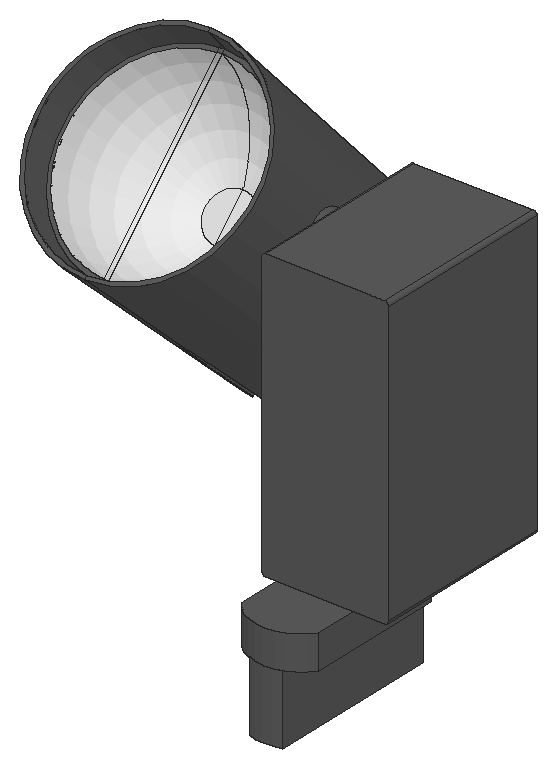
Revit family "0004840 Feilo Sylvania Lighting Fixture START TRACK SPOT S 24W 3K RA80 WB BLACK", category Lighting Fixtures, host Face, Revit 2017 (continued)
Definition of nested family "Start Track Spot Head"
  Types (96, lengths in mm): name | Wattage | built-in parameter 1150134 | Photometric Web File | Model | built-in parameter 1150105 | Lumens | built-in parameter 1150107 | built-in parameter 1150106 | HeadThickness_FEILO | HeadRibOffset_FEILO | HeadRibDepth_FEILO | HeadRibCutWidth_FEILO | HeadRibCutOffset_FEILO | HeadReflectorRadius_FEILO | HeadReflectorOffset_FEILO | HeadLEDRadius_FEILO | HeadHeight_FEILO | HeadDiffusorOffset_FEILO | HeadDiaOut_FEILO | HeadDiaIn_FEILO | HeadAxisFromTop_FEILO | Emit from Circle Diameter | built-in parameter 1150104 | Description | Apparent Load
    0004864 START TRACK SPOT S 24W 3K RA90 WB WHITE | 24 W | (empty or 0) | "0004864.ies" | "START TRACK SPOT S 24W 3K RA90 WB WHITE" | 152.79 (stored number, unit not read) | 1920 lm | 3000 (stored number, unit not read) | 1.5279 (stored number, unit not read) | 1.5 | 4.179 | 55.714 | 7.167 | 50.87 | 50.588 | 55.714 | 9.556 | 117 | 9.435 | 86 | 77.477 | 69.354 | 77.477 | 7.4322 (stored number, unit not read) | "Integrated LED spotlight, Textured White - RAL9016, compact and minimalist design, ideal for retail applications, die-cast aluminium body, passive cooling heatsink. Beam angle: 64°, color temperature: 3000K , total system power: 24W, total fixture output: 1928 lm, LOR: 100%, colour rendering: Ra: 90 typical, LED Chromaticity: 3 step MacAdam ellipse, lifetime: >50000 hours at L70B50, energy class: A++, A+, A, IR/UV free light source without heat radiation, operating voltage: 220-240V / 50-60Hz, drive current: 600mA, electronic driver, non-dimmable, power factor: 0.95, electrical protection: Class II, Global Track 3 Phase adapter suitable for Global trac 3-circuit tracks, ingress protection rating: IP20, suitable for internal environment only, horizontal rotation: 355°, vertical tilt: 90°, dimensions: Ø86x140x200, weight: 0.966kg." | 24 VA
    0004863 START TRACK SPOT S 24W 3K RA90 MB WHITE | 24 W | (empty or 0) | "0004863.ies" | "START TRACK SPOT S 24W 3K RA90 MB WHITE" | 154.7 (stored number, unit not read) | 1944 lm | 3000 (stored number, unit not read) | 1.547 (stored number, unit not read) | 1.5 | 4.179 | 55.714 | 7.167 | 50.87 | 50.588 | 55.714 | 9.556 | 117 | 9.435 | 86 | 77.477 | 69.354 | 77.477 | 7.5251 (stored number, unit not read) | "Integrated LED spotlight, Textured White - RAL9016, compact and minimalist design, ideal for retail applications, die-cast aluminium body, passive cooling heatsink. Beam angle: 36°, color temperature: 3000K , total system power: 24W, total fixture output: 1944 lm, LOR: 100%, colour rendering: Ra: 90 typical, LED Chromaticity: 3 step MacAdam ellipse, lifetime: >50000 hours at L70B50, energy class: A++, A+, A, IR/UV free light source without heat radiation, operating voltage: 220-240V / 50-60Hz, drive current: 600mA, electronic driver, non-dimmable, power factor: 0.95, electrical protection: Class II, Global Track 3 Phase adapter suitable for Global trac 3-circuit tracks, ingress protection rating: IP20, suitable for internal environment only, horizontal rotation: 355°, vertical tilt: 90°, dimensions: Ø86x140x200, weight: 0.966kg." | 24 VA
    0004862 START TRACK SPOT S 24W 3K RA90 NB WHITE | 24 W | (empty or 0) | "0004862.ies" | "START TRACK SPOT S 24W 3K RA90 NB WHITE" | 158.52 (stored number, unit not read) | 1992 lm | 3000 (stored number, unit not read) | 1.5852 (stored number, unit not read) | 1.5 | 4.179 | 55.714 | 7.167 | 50.87 | 50.588 | 55.714 | 9.556 | 117 | 9.435 | 86 | 77.477 | 69.354 | 77.477 | 7.711 (stored number, unit not read) | "Integrated LED spotlight, Textured White - RAL9016, compact and minimalist design, ideal for retail applications, die-cast aluminium body, passive cooling heatsink. Beam angle: 12°, color temperature: 3000K , total system power: 24W, total fixture output: 1987 lm, LOR: 100%, colour rendering: Ra: 90 typical, LED Chromaticity: 3 step MacAdam ellipse, lifetime: >50000 hours at L70B50, energy class: A++, A+, A, IR/UV free light source without heat radiation, operating voltage: 220-240V / 50-60Hz, drive current: 600mA, electronic driver, non-dimmable, power factor: 0.95, electrical protection: Class II, Global Track 3 Phase adapter suitable for Global trac 3-circuit tracks, ingress protection rating: IP20, suitable for internal environment only, horizontal rotation: 355°, vertical tilt: 90°, dimensions: Ø86x140x200, weight: 0.966kg." | 24 VA
    0004861 START TRACK SPOT S 14W 3K RA90 WB WHITE | 14 W | (empty or 0) | "0004861.ies" | "START TRACK SPOT S 14W 3K RA90 WB WHITE" | 100.27 (stored number, unit not read) | 1260 lm | 3000 (stored number, unit not read) | 1.0027 (stored number, unit not read) | 1.5 | 4.179 | 55.714 | 7.167 | 50.87 | 50.588 | 55.714 | 9.556 | 117 | 9.435 | 86 | 77.477 | 69.354 | 77.477 | 8.3613 (stored number, unit not read) | "Integrated LED spotlight, Textured White - RAL9016, compact and minimalist design, ideal for retail applications, die-cast aluminium body, passive cooling heatsink. Beam angle: 64°, color temperature: 3000K , total system power: 14W, total fixture output: 1262 lm, LOR: 100%, colour rendering: Ra: 90 typical, LED Chromaticity: 3 step MacAdam ellipse, lifetime: >50000 hours at L70B50, energy class: A++, A+, A, IR/UV free light source without heat radiation, operating voltage: 220-240V / 50-60Hz, drive current: 350mA, electronic driver, non-dimmable, power factor: 0.92, electrical protection: Class II, Global Track 3 Phase adapter suitable for Global trac 3-circuit tracks, ingress protection rating: IP20, suitable for internal environment only, horizontal rotation: 355°, vertical tilt: 90°, dimensions: Ø86x140x200, weight: 0.940kg." | 14 VA
    0004860 START TRACK SPOT S 14W 3K RA90 MB WHITE | 14 W | (empty or 0) | "0004860.ies" | "START TRACK SPOT S 14W 3K RA90 MB WHITE" | 100.27 (stored number, unit not read) | 1260 lm | 3000 (stored number, unit not read) | 1.0027 (stored number, unit not read) | 1.5 | 4.179 | 55.714 | 7.167 | 50.87 | 50.588 | 55.714 | 9.556 | 117 | 9.435 | 86 | 77.477 | 69.354 | 77.477 | 8.3613 (stored number, unit not read) | "Integrated LED spotlight, Textured White - RAL9016, compact and minimalist design, ideal for retail applications, die-cast aluminium body, passive cooling heatsink. Beam angle: 36°, color temperature: 3000K , total system power: 14W, total fixture output: 1262 lm, LOR: 100%, colour rendering: Ra: 90 typical, LED Chromaticity: 3 step MacAdam ellipse, lifetime: >50000 hours at L70B50, energy class: A++, A+, A, IR/UV free light source without heat radiation, operating voltage: 220-240V / 50-60Hz, drive current: 350mA, electronic driver, non-dimmable, power factor: 0.92, electrical protection: Class II, Global Track 3 Phase adapter suitable for Global trac 3-circuit tracks, ingress protection rating: IP20, suitable for internal environment only, horizontal rotation: 355°, vertical tilt: 90°, dimensions: Ø86x140x200, weight: 0.940kg." | 14 VA
    0004859 START TRACK SPOT S 14W 3K RA90 NB WHITE | 14 W | (empty or 0) | "0004859.ies" | "START TRACK SPOT S 14W 3K RA90 NB WHITE" | 102.5 (stored number, unit not read) | 1288 lm | 3000 (stored number, unit not read) | 1.025 (stored number, unit not read) | 1.5 | 4.179 | 55.714 | 7.167 | 50.87 | 50.588 | 55.714 | 9.556 | 117 | 9.435 | 86 | 77.477 | 69.354 | 77.477 | 8.5471 (stored number, unit not read) | "Integrated LED spotlight, Textured White - RAL9016, compact and minimalist design, ideal for retail applications, die-cast aluminium body, passive cooling heatsink. Beam angle: 12°, color temperature: 3000K , total system power: 14W, total fixture output: 1284 lm, LOR: 100%, colour rendering: Ra: 90 typical, LED Chromaticity: 3 step MacAdam ellipse, lifetime: >50000 hours at L70B50, energy class: A++, A+, A, IR/UV free light source without heat radiation, operating voltage: 220-240V / 50-60Hz, drive current: 350mA, electronic driver, non-dimmable, power factor: 0.92, electrical protection: Class II, Global Track 3 Phase adapter suitable for Global trac 3-circuit tracks, ingress protection rating: IP20, suitable for internal environment only, horizontal rotation: 355°, vertical tilt: 90°, dimensions: Ø86x140x200, weight: 0.940kg." | 14 VA
    0004858 START TRACK SPOT L 55W 4K RA80 WB BLACK | 55 W | 12 | "0004858.ies" | "START TRACK SPOT L 55W 4K RA80 WB BLACK" | 424.55 (stored number, unit not read) | 5335 lm | 4000 (stored number, unit not read) | 4.2455 (stored number, unit not read) | 2 | 4.429 | 59.048 | 9.417 | 53.913 | 66.471 | 59.048 | 12.556 | 124 | 10 | 113 | 101.802 | 73.503 | 101.802 | 9.0116 (stored number, unit not read) | "Integrated LED spotlight, Textured Black - RAL9005, compact and minimalist design, ideal for retail applications, die-cast aluminium body, passive cooling heatsink. Beam angle: 52°, color temperature: 4000K , total system power: 55W, total fixture output: 5320 lm, LOR: 100%, colour rendering: Ra: 80 typical, LED Chromaticity: 3 step MacAdam ellipse, lifetime: >50000 hours at L70B50, energy class: A++, A+, A, IR/UV free light source without heat radiation, operating voltage: 220-240V / 50-60Hz, drive current: 1400mA, electronic driver, non-dimmable, power factor: 0.96, electrical protection: Class II, Global Track 3 Phase adapter suitable for Global trac 3-circuit tracks, ingress protection rating: IP20, suitable for internal environment only, horizontal rotation: 355°, vertical tilt: 90°, dimensions: Ø113x164x240, weight: 1.398kg." | 55 VA
    0004857 START TRACK SPOT L 55W 4K RA80 MB BLACK | 55 W | 12 | "0004857.ies" | "START TRACK SPOT L 55W 4K RA80 MB BLACK" | 428.92 (stored number, unit not read) | 5390 lm | 4000 (stored number, unit not read) | 4.2892 (stored number, unit not read) | 2 | 4.429 | 59.048 | 9.417 | 53.913 | 66.471 | 59.048 | 12.556 | 124 | 10 | 113 | 101.802 | 73.503 | 101.802 | 9.1045 (stored number, unit not read) | "Integrated LED spotlight, Textured Black - RAL9005, compact and minimalist design, ideal for retail applications, die-cast aluminium body, passive cooling heatsink. Beam angle: 38°, color temperature: 4000K , total system power: 55W, total fixture output: 5378 lm, LOR: 100%, colour rendering: Ra: 80 typical, LED Chromaticity: 3 step MacAdam ellipse, lifetime: >50000 hours at L70B50, energy class: A++, A+, A, IR/UV free light source without heat radiation, operating voltage: 220-240V / 50-60Hz, drive current: 1400mA, electronic driver, non-dimmable, power factor: 0.96, electrical protection: Class II, Global Track 3 Phase adapter suitable for Global trac 3-circuit tracks, ingress protection rating: IP20, suitable for internal environment only, horizontal rotation: 355°, vertical tilt: 90°, dimensions: Ø113x164x240, weight: 1.398kg." | 55 VA
    0004856 START TRACK SPOT L 55W 4K RA80 NB BLACK | 55 W | 12 | "0004856.ies" | "START TRACK SPOT L 55W 4K RA80 NB BLACK" | 433.3 (stored number, unit not read) | 5445 lm | 4000 (stored number, unit not read) | 4.333 (stored number, unit not read) | 2 | 4.429 | 59.048 | 9.417 | 53.913 | 66.471 | 59.048 | 12.556 | 124 | 10 | 113 | 101.802 | 73.503 | 101.802 | 9.1974 (stored number, unit not read) | "Integrated LED spotlight, Textured Black - RAL9005, compact and minimalist design, ideal for retail applications, die-cast aluminium body, passive cooling heatsink. Beam angle: 15°, color temperature: 4000K , total system power: 55W, total fixture output: 5426 lm, LOR: 100%, colour rendering: Ra: 80 typical, LED Chromaticity: 3 step MacAdam ellipse, lifetime: >50000 hours at L70B50, energy class: A++, A+, A, IR/UV free light source without heat radiation, operating voltage: 220-240V / 50-60Hz, drive current: 1400mA, electronic driver, non-dimmable, power factor: 0.96, electrical protection: Class II, Global Track 3 Phase adapter suitable for Global trac 3-circuit tracks, ingress protection rating: IP20, suitable for internal environment only, horizontal rotation: 355°, vertical tilt: 90°, dimensions: Ø113x164x240, weight: 1.398kg." | 55 VA
    0004855 START TRACK SPOT L 35W 4K RA80 WB BLACK | 35 W | 12 | "0004855.ies" | "START TRACK SPOT L 35W 4K RA80 WB BLACK" | 320.3 (stored number, unit not read) | 4025 lm | 4000 (stored number, unit not read) | 3.203 (stored number, unit not read) | 2 | 4.429 | 59.048 | 9.417 | 53.913 | 66.471 | 59.048 | 12.556 | 124 | 10 | 113 | 101.802 | 73.503 | 101.802 | 10.684 (stored number, unit not read) | "Integrated LED spotlight, Textured Black - RAL9005, compact and minimalist design, ideal for retail applications, die-cast aluminium body, passive cooling heatsink. Beam angle: 52°, color temperature: 4000K , total system power: 35W, total fixture output: 4010 lm, LOR: 100%, colour rendering: Ra: 80 typical, LED Chromaticity: 3 step MacAdam ellipse, lifetime: >50000 hours at L70B50, energy class: A++, A+, A, IR/UV free light source without heat radiation, operating voltage: 220-240V / 50-60Hz, drive current: 900mA, electronic driver, non-dimmable, power factor: 0.93, electrical protection: Class II, Global Track 3 Phase adapter suitable for Global trac 3-circuit tracks, ingress protection rating: IP20, suitable for internal environment only, horizontal rotation: 355°, vertical tilt: 90°, dimensions: Ø113x164x240, weight: 1.368kg." | 35 VA
    0004854 START TRACK SPOT L 35W 4K RA80 MB BLACK | 35 W | 12 | "0004854.ies" | "START TRACK SPOT L 35W 4K RA80 MB BLACK" | 320.3 (stored number, unit not read) | 4025 lm | 4000 (stored number, unit not read) | 3.203 (stored number, unit not read) | 2 | 4.429 | 59.048 | 9.417 | 53.913 | 66.471 | 59.048 | 12.556 | 124 | 10 | 113 | 101.802 | 73.503 | 101.802 | 10.684 (stored number, unit not read) | "Integrated LED spotlight, Textured Black - RAL9005, compact and minimalist design, ideal for retail applications, die-cast aluminium body, passive cooling heatsink. Beam angle: 38°, color temperature: 4000K , total system power: 35W, total fixture output: 4017 lm, LOR: 100%, colour rendering: Ra: 80 typical, LED Chromaticity: 3 step MacAdam ellipse, lifetime: >50000 hours at L70B50, energy class: A++, A+, A, IR/UV free light source without heat radiation, operating voltage: 220-240V / 50-60Hz, drive current: 900mA, electronic driver, non-dimmable, power factor: 0.93, electrical protection: Class II, Global Track 3 Phase adapter suitable for Global trac 3-circuit tracks, ingress protection rating: IP20, suitable for internal environment only, horizontal rotation: 355°, vertical tilt: 90°, dimensions: Ø113x164x240, weight: 1.368kg." | 35 VA
    0004853 START TRACK SPOT L 35W 4K RA80 NB BLACK | 35 W | 12 | "0004853.ies" | "START TRACK SPOT L 35W 4K RA80 NB BLACK" | 331.44 (stored number, unit not read) | 4165 lm | 4000 (stored number, unit not read) | 3.3144 (stored number, unit not read) | 2 | 4.429 | 59.048 | 9.417 | 53.913 | 66.471 | 59.048 | 12.556 | 124 | 10 | 113 | 101.802 | 73.503 | 101.802 | 11.055 (stored number, unit not read) | "Integrated LED spotlight, Textured Black - RAL9005, compact and minimalist design, ideal for retail applications, die-cast aluminium body, passive cooling heatsink. Beam angle: 15°, color temperature: 4000K , total system power: 35W, total fixture output: 4174 lm, LOR: 100%, colour rendering: Ra: 80 typical, LED Chromaticity: 3 step MacAdam ellipse, lifetime: >50000 hours at L70B50, energy class: A++, A+, A, IR/UV free light source without heat radiation, operating voltage: 220-240V / 50-60Hz, drive current: 900mA, electronic driver, non-dimmable, power factor: 0.93, electrical protection: Class II, Global Track 3 Phase adapter suitable for Global trac 3-circuit tracks, ingress protection rating: IP20, suitable for internal environment only, horizontal rotation: 355°, vertical tilt: 90°, dimensions: Ø113x164x240, weight: 1.368kg." | 35 VA
    0004852 START TRACK SPOT S 24W 4K RA80 WB BLACK | 24 W | 12 | "0004852.ies" | "START TRACK SPOT S 24W 4K RA80 WB BLACK" | 196.72 (stored number, unit not read) | 2472 lm | 4000 (stored number, unit not read) | 1.9672 (stored number, unit not read) | 1.5 | 4.179 | 55.714 | 7.167 | 50.87 | 50.588 | 55.714 | 9.556 | 117 | 9.435 | 86 | 77.477 | 69.354 | 77.477 | 9.569 (stored number, unit not read) | "Integrated LED spotlight, Textured Black - RAL9005, compact and minimalist design, ideal for retail applications, die-cast aluminium body, passive cooling heatsink. Beam angle: 64°, color temperature: 4000K , total system power: 24W, total fixture output: 2476 lm, LOR: 100%, colour rendering: Ra: 80 typical, LED Chromaticity: 3 step MacAdam ellipse, lifetime: >50000 hours at L70B50, energy class: A++, A+, A, IR/UV free light source without heat radiation, operating voltage: 220-240V / 50-60Hz, drive current: 600mA, electronic driver, non-dimmable, power factor: 0.95, electrical protection: Class II, Global Track 3 Phase adapter suitable for Global trac 3-circuit tracks, ingress protection rating: IP20, suitable for internal environment only, horizontal rotation: 355°, vertical tilt: 90°, dimensions: Ø86x140x200, weight: 0.966kg." | 24 VA
    0004851 START TRACK SPOT S 24W 4K RA80 MB BLACK | 24 W | 12 | "0004851.ies" | "START TRACK SPOT S 24W 4K RA80 MB BLACK" | 198.63 (stored number, unit not read) | 2496 lm | 4000 (stored number, unit not read) | 1.9863 (stored number, unit not read) | 1.5 | 4.179 | 55.714 | 7.167 | 50.87 | 50.588 | 55.714 | 9.556 | 117 | 9.435 | 86 | 77.477 | 69.354 | 77.477 | 9.6619 (stored number, unit not read) | "Integrated LED spotlight, Textured Black - RAL9005, compact and minimalist design, ideal for retail applications, die-cast aluminium body, passive cooling heatsink. Beam angle: 36°, color temperature: 4000K , total system power: 24W, total fixture output: 2487 lm, LOR: 100%, colour rendering: Ra: 80 typical, LED Chromaticity: 3 step MacAdam ellipse, lifetime: >50000 hours at L70B50, energy class: A++, A+, A, IR/UV free light source without heat radiation, operating voltage: 220-240V / 50-60Hz, drive current: 600mA, electronic driver, non-dimmable, power factor: 0.95, electrical protection: Class II, Global Track 3 Phase adapter suitable for Global trac 3-circuit tracks, ingress protection rating: IP20, suitable for internal environment only, horizontal rotation: 355°, vertical tilt: 90°, dimensions: Ø86x140x200, weight: 0.966kg." | 24 VA
    0004850 START TRACK SPOT S 24W 4K RA80 NB BLACK | 24 W | 12 | "0004850.ies" | "START TRACK SPOT S 24W 4K RA80 NB BLACK" | 200.54 (stored number, unit not read) | 2520 lm | 4000 (stored number, unit not read) | 2.0054 (stored number, unit not read) | 1.5 | 4.179 | 55.714 | 7.167 | 50.87 | 50.588 | 55.714 | 9.556 | 117 | 9.435 | 86 | 77.477 | 69.354 | 77.477 | 9.7548 (stored number, unit not read) | "Integrated LED spotlight, Textured Black - RAL9005, compact and minimalist design, ideal for retail applications, die-cast aluminium body, passive cooling heatsink. Beam angle: 12°, color temperature: 4000K , total system power: 24W, total fixture output: 2529 lm, LOR: 100%, colour rendering: Ra: 80 typical, LED Chromaticity: 3 step MacAdam ellipse, lifetime: >50000 hours at L70B50, energy class: A++, A+, A, IR/UV free light source without heat radiation, operating voltage: 220-240V / 50-60Hz, drive current: 600mA, electronic driver, non-dimmable, power factor: 0.95, electrical protection: Class II, Global Track 3 Phase adapter suitable for Global trac 3-circuit tracks, ingress protection rating: IP20, suitable for internal environment only, horizontal rotation: 355°, vertical tilt: 90°, dimensions: Ø86x140x200, weight: 0.966kg." | 24 VA
    0004849 START TRACK SPOT S 14W 4K RA80 WB BLACK | 14 W | 12 | "0004849.ies" | "START TRACK SPOT S 14W 4K RA80 WB BLACK" | 123.66 (stored number, unit not read) | 1554 lm | 4000 (stored number, unit not read) | 1.2366 (stored number, unit not read) | 1.5 | 4.179 | 55.714 | 7.167 | 50.87 | 50.588 | 55.714 | 9.556 | 117 | 9.435 | 86 | 77.477 | 69.354 | 77.477 | 10.312 (stored number, unit not read) | "Integrated LED spotlight, Textured Black - RAL9005, compact and minimalist design, ideal for retail applications, die-cast aluminium body, passive cooling heatsink. Beam angle: 64°, color temperature: 4000K , total system power: 14W, total fixture output: 1558 lm, LOR: 100%, colour rendering: Ra: 80 typical, LED Chromaticity: 3 step MacAdam ellipse, lifetime: >50000 hours at L70B50, energy class: A++, A+, A, IR/UV free light source without heat radiation, operating voltage: 220-240V / 50-60Hz, drive current: 350mA, electronic driver, non-dimmable, power factor: 0.92, electrical protection: Class II, Global Track 3 Phase adapter suitable for Global trac 3-circuit tracks, ingress protection rating: IP20, suitable for internal environment only, horizontal rotation: 355°, vertical tilt: 90°, dimensions: Ø86x140x200, weight: 0.940kg." | 14 VA
    0004848 START TRACK SPOT S 14W 4K RA80 MB BLACK | 14 W | 12 | "0004848.ies" | "START TRACK SPOT S 14W 4K RA80 MB BLACK" | 127.01 (stored number, unit not read) | 1596 lm | 4000 (stored number, unit not read) | 1.2701 (stored number, unit not read) | 1.5 | 4.179 | 55.714 | 7.167 | 50.87 | 50.588 | 55.714 | 9.556 | 117 | 9.435 | 86 | 77.477 | 69.354 | 77.477 | 10.591 (stored number, unit not read) | "Integrated LED spotlight, Textured Black - RAL9005, compact and minimalist design, ideal for retail applications, die-cast aluminium body, passive cooling heatsink. Beam angle: 36°, color temperature: 4000K , total system power: 14W, total fixture output: 1598 lm, LOR: 100%, colour rendering: Ra: 80 typical, LED Chromaticity: 3 step MacAdam ellipse, lifetime: >50000 hours at L70B50, energy class: A++, A+, A, IR/UV free light source without heat radiation, operating voltage: 220-240V / 50-60Hz, drive current: 350mA, electronic driver, non-dimmable, power factor: 0.92, electrical protection: Class II, Global Track 3 Phase adapter suitable for Global trac 3-circuit tracks, ingress protection rating: IP20, suitable for internal environment only, horizontal rotation: 355°, vertical tilt: 90°, dimensions: Ø86x140x200, weight: 0.940kg." | 14 VA
    0004847 START TRACK SPOT S 14W 4K RA80 NB BLACK | 14 W | 12 | "0004847.ies" | "START TRACK SPOT S 14W 4K RA80 NB BLACK" | 128.12 (stored number, unit not read) | 1610 lm | 4000 (stored number, unit not read) | 1.2812 (stored number, unit not read) | 1.5 | 4.179 | 55.714 | 7.167 | 50.87 | 50.588 | 55.714 | 9.556 | 117 | 9.435 | 86 | 77.477 | 69.354 | 77.477 | 10.684 (stored number, unit not read) | "Integrated LED spotlight, Textured Black - RAL9005, compact and minimalist design, ideal for retail applications, die-cast aluminium body, passive cooling heatsink. Beam angle: 12°, color temperature: 4000K , total system power: 14W, total fixture output: 1608 lm, LOR: 100%, colour rendering: Ra: 80 typical, LED Chromaticity: 3 step MacAdam ellipse, lifetime: >50000 hours at L70B50, energy class: A++, A+, A, IR/UV free light source without heat radiation, operating voltage: 220-240V / 50-60Hz, drive current: 350mA, electronic driver, non-dimmable, power factor: 0.92, electrical protection: Class II, Global Track 3 Phase adapter suitable for Global trac 3-circuit tracks, ingress protection rating: IP20, suitable for internal environment only, horizontal rotation: 355°, vertical tilt: 90°, dimensions: Ø86x140x200, weight: 0.940kg." | 14 VA
    0004846 START TRACK SPOT L 55W 3K RA80 WB BLACK | 55 W | (empty or 0) | "0004846.ies" | "START TRACK SPOT L 55W 3K RA80 WB BLACK" | 420.17 (stored number, unit not read) | 5280 lm | 3000 (stored number, unit not read) | 4.2017 (stored number, unit not read) | 2 | 4.429 | 59.048 | 9.417 | 53.913 | 66.471 | 59.048 | 12.556 | 124 | 10 | 113 | 101.802 | 73.503 | 101.802 | 8.9187 (stored number, unit not read) | "Integrated LED spotlight, Textured Black - RAL9005, compact and minimalist design, ideal for retail applications, die-cast aluminium body, passive cooling heatsink. Beam angle: 52°, color temperature: 3000K , total system power: 55W, total fixture output: 5298 lm, LOR: 100%, colour rendering: Ra: 80 typical, LED Chromaticity: 3 step MacAdam ellipse, lifetime: >50000 hours at L70B50, energy class: A++, A+, A, IR/UV free light source without heat radiation, operating voltage: 220-240V / 50-60Hz, drive current: 1400mA, electronic driver, non-dimmable, power factor: 0.96, electrical protection: Class II, Global Track 3 Phase adapter suitable for Global trac 3-circuit tracks, ingress protection rating: IP20, suitable for internal environment only, horizontal rotation: 355°, vertical tilt: 90°, dimensions: Ø113x164x240, weight: 1.398kg." | 55 VA
    0004845 START TRACK SPOT L 55W 3K RA80 MB BLACK | 55 W | (empty or 0) | "0004845.ies" | "START TRACK SPOT L 55W 3K RA80 MB BLACK" | 428.92 (stored number, unit not read) | 5390 lm | 3000 (stored number, unit not read) | 4.2892 (stored number, unit not read) | 2 | 4.429 | 59.048 | 9.417 | 53.913 | 66.471 | 59.048 | 12.556 | 124 | 10 | 113 | 101.802 | 73.503 | 101.802 | 9.1045 (stored number, unit not read) | "Integrated LED spotlight, Textured Black - RAL9005, compact and minimalist design, ideal for retail applications, die-cast aluminium body, passive cooling heatsink. Beam angle: 38°, color temperature: 3000K , total system power: 55W, total fixture output: 5381 lm, LOR: 100%, colour rendering: Ra: 80 typical, LED Chromaticity: 3 step MacAdam ellipse, lifetime: >50000 hours at L70B50, energy class: A++, A+, A, IR/UV free light source without heat radiation, operating voltage: 220-240V / 50-60Hz, drive current: 1400mA, electronic driver, non-dimmable, power factor: 0.96, electrical protection: Class II, Global Track 3 Phase adapter suitable for Global trac 3-circuit tracks, ingress protection rating: IP20, suitable for internal environment only, horizontal rotation: 355°, vertical tilt: 90°, dimensions: Ø113x164x240, weight: 1.398kg." | 55 VA
    0004844 START TRACK SPOT L 55W 3K RA80 NB BLACK | 55 W | (empty or 0) | "0004844.ies" | "START TRACK SPOT L 55W 3K RA80 NB BLACK" | 433.3 (stored number, unit not read) | 5445 lm | 3000 (stored number, unit not read) | 4.333 (stored number, unit not read) | 2 | 4.429 | 59.048 | 9.417 | 53.913 | 66.471 | 59.048 | 12.556 | 124 | 10 | 113 | 101.802 | 73.503 | 101.802 | 9.1974 (stored number, unit not read) | "Integrated LED spotlight, Textured Black - RAL9005, compact and minimalist design, ideal for retail applications, die-cast aluminium body, passive cooling heatsink. Beam angle: 15°, color temperature: 3000K , total system power: 55W, total fixture output: 5449 lm, LOR: 100%, colour rendering: Ra: 80 typical, LED Chromaticity: 3 step MacAdam ellipse, lifetime: >50000 hours at L70B50, energy class: A++, A+, A, IR/UV free light source without heat radiation, operating voltage: 220-240V / 50-60Hz, drive current: 1400mA, electronic driver, non-dimmable, power factor: 0.96, electrical protection: Class II, Global Track 3 Phase adapter suitable for Global trac 3-circuit tracks, ingress protection rating: IP20, suitable for internal environment only, horizontal rotation: 355°, vertical tilt: 90°, dimensions: Ø113x164x240, weight: 1.398kg." | 55 VA
    0004843 START TRACK SPOT L 35W 3K RA80 WB BLACK | 35 W | (empty or 0) | "0004843.ies" | "START TRACK SPOT L 35W 3K RA80 WB BLACK" | 314.73 (stored number, unit not read) | 3955 lm | 3000 (stored number, unit not read) | 3.1473 (stored number, unit not read) | 2 | 4.429 | 59.048 | 9.417 | 53.913 | 66.471 | 59.048 | 12.556 | 124 | 10 | 113 | 101.802 | 73.503 | 101.802 | 10.498 (stored number, unit not read) | "Integrated LED spotlight, Textured Black - RAL9005, compact and minimalist design, ideal for retail applications, die-cast aluminium body, passive cooling heatsink. Beam angle: 52°, color temperature: 3000K , total system power: 35W, total fixture output: 3943 lm, LOR: 100%, colour rendering: Ra: 80 typical, LED Chromaticity: 3 step MacAdam ellipse, lifetime: >50000 hours at L70B50, energy class: A++, A+, A, IR/UV free light source without heat radiation, operating voltage: 220-240V / 50-60Hz, drive current: 900mA, electronic driver, non-dimmable, power factor: 0.93, electrical protection: Class II, Global Track 3 Phase adapter suitable for Global trac 3-circuit tracks, ingress protection rating: IP20, suitable for internal environment only, horizontal rotation: 355°, vertical tilt: 90°, dimensions: Ø113x164x240, weight: 1.368kg." | 35 VA
    0004842 START TRACK SPOT L 35W 3K RA80 MB BLACK | 35 W | (empty or 0) | "0004842.ies" | "START TRACK SPOT L 35W 3K RA80 MB BLACK" | 320.3 (stored number, unit not read) | 4025 lm | 3000 (stored number, unit not read) | 3.203 (stored number, unit not read) | 2 | 4.429 | 59.048 | 9.417 | 53.913 | 66.471 | 59.048 | 12.556 | 124 | 10 | 113 | 101.802 | 73.503 | 101.802 | 10.684 (stored number, unit not read) | "Integrated LED spotlight, Textured Black - RAL9005, compact and minimalist design, ideal for retail applications, die-cast aluminium body, passive cooling heatsink. Beam angle: 38°, color temperature: 3000K , total system power: 35W, total fixture output: 4008 lm, LOR: 100%, colour rendering: Ra: 80 typical, LED Chromaticity: 3 step MacAdam ellipse, lifetime: >50000 hours at L70B50, energy class: A++, A+, A, IR/UV free light source without heat radiation, operating voltage: 220-240V / 50-60Hz, drive current: 900mA, electronic driver, non-dimmable, power factor: 0.93, electrical protection: Class II, Global Track 3 Phase adapter suitable for Global trac 3-circuit tracks, ingress protection rating: IP20, suitable for internal environment only, horizontal rotation: 355°, vertical tilt: 90°, dimensions: Ø113x164x240, weight: 1.368kg." | 35 VA
    0004841 START TRACK SPOT L 35W 3K RA80 NB BLACK | 35 W | (empty or 0) | "0004841.ies" | "START TRACK SPOT L 35W 3K RA80 NB BLACK" | 317.51 (stored number, unit not read) | 3990 lm | 3000 (stored number, unit not read) | 3.1751 (stored number, unit not read) | 2 | 4.429 | 59.048 | 9.417 | 53.913 | 66.471 | 59.048 | 12.556 | 124 | 10 | 113 | 101.802 | 73.503 | 101.802 | 10.591 (stored number, unit not read) | "Integrated LED spotlight, Textured Black - RAL9005, compact and minimalist design, ideal for retail applications, die-cast aluminium body, passive cooling heatsink. Beam angle: 15°, color temperature: 3000K , total system power: 35W, total fixture output: 4005 lm, LOR: 100%, colour rendering: Ra: 80 typical, LED Chromaticity: 3 step MacAdam ellipse, lifetime: >50000 hours at L70B50, energy class: A++, A+, A, IR/UV free light source without heat radiation, operating voltage: 220-240V / 50-60Hz, drive current: 900mA, electronic driver, non-dimmable, power factor: 0.93, electrical protection: Class II, Global Track 3 Phase adapter suitable for Global trac 3-circuit tracks, ingress protection rating: IP20, suitable for internal environment only, horizontal rotation: 355°, vertical tilt: 90°, dimensions: Ø113x164x240, weight: 1.368kg." | 35 VA
    0004840 START TRACK SPOT S 24W 3K RA80 WB BLACK | 24 W | (empty or 0) | "0004840.ies" | "START TRACK SPOT S 24W 3K RA80 WB BLACK" | 185.26 (stored number, unit not read) | 2328 lm | 3000 (stored number, unit not read) | 1.8526 (stored number, unit not read) | 1.5 | 4.179 | 55.714 | 7.167 | 50.87 | 50.588 | 55.714 | 9.556 | 117 | 9.435 | 86 | 77.477 | 69.354 | 77.477 | 9.0116 (stored number, unit not read) | "Integrated LED spotlight, Textured Black - RAL9005, compact and minimalist design, ideal for retail applications, die-cast aluminium body, passive cooling heatsink. Beam angle: 64°, color temperature: 3000K , total system power: 24W, total fixture output: 2318 lm, LOR: 100%, colour rendering: Ra: 80 typical, LED Chromaticity: 3 step MacAdam ellipse, lifetime: >50000 hours at L70B50, energy class: A++, A+, A, IR/UV free light source without heat radiation, operating voltage: 220-240V / 50-60Hz, drive current: 600mA, electronic driver, non-dimmable, power factor: 0.95, electrical protection: Class II, Global Track 3 Phase adapter suitable for Global trac 3-circuit tracks, ingress protection rating: IP20, suitable for internal environment only, horizontal rotation: 355°, vertical tilt: 90°, dimensions: Ø86x140x200, weight: 0.966kg." | 24 VA
    0004839 START TRACK SPOT S 24W 3K RA80 MB BLACK | 24 W | (empty or 0) | "0004839.ies" | "START TRACK SPOT S 24W 3K RA80 MB BLACK" | 183.35 (stored number, unit not read) | 2304 lm | 3000 (stored number, unit not read) | 1.8335 (stored number, unit not read) | 1.5 | 4.179 | 55.714 | 7.167 | 50.87 | 50.588 | 55.714 | 9.556 | 117 | 9.435 | 86 | 77.477 | 69.354 | 77.477 | 8.9187 (stored number, unit not read) | "Integrated LED spotlight, Textured Black - RAL9005, compact and minimalist design, ideal for retail applications, die-cast aluminium body, passive cooling heatsink. Beam angle: 36°, color temperature: 3000K , total system power: 24W, total fixture output: 2314 lm, LOR: 100%, colour rendering: Ra: 80 typical, LED Chromaticity: 3 step MacAdam ellipse, lifetime: >50000 hours at L70B50, energy class: A++, A+, A, IR/UV free light source without heat radiation, operating voltage: 220-240V / 50-60Hz, drive current: 600mA, electronic driver, non-dimmable, power factor: 0.95, electrical protection: Class II, Global Track 3 Phase adapter suitable for Global trac 3-circuit tracks, ingress protection rating: IP20, suitable for internal environment only, horizontal rotation: 355°, vertical tilt: 90°, dimensions: Ø86x140x200, weight: 0.966kg." | 24 VA
    0004838 START TRACK SPOT S 24W 3K RA80 NB BLACK | 24 W | (empty or 0) | "0004838.ies" | "START TRACK SPOT S 24W 3K RA80 NB BLACK" | 185.26 (stored number, unit not read) | 2328 lm | 3000 (stored number, unit not read) | 1.8526 (stored number, unit not read) | 1.5 | 4.179 | 55.714 | 7.167 | 50.87 | 50.588 | 55.714 | 9.556 | 117 | 9.435 | 86 | 77.477 | 69.354 | 77.477 | 9.0116 (stored number, unit not read) | "Integrated LED spotlight, Textured Black - RAL9005, compact and minimalist design, ideal for retail applications, die-cast aluminium body, passive cooling heatsink. Beam angle: 12°, color temperature: 3000K , total system power: 24W, total fixture output: 2334 lm, LOR: 100%, colour rendering: Ra: 80 typical, LED Chromaticity: 3 step MacAdam ellipse, lifetime: >50000 hours at L70B50, energy class: A++, A+, A, IR/UV free light source without heat radiation, operating voltage: 220-240V / 50-60Hz, drive current: 600mA, electronic driver, non-dimmable, power factor: 0.95, electrical protection: Class II, Global Track 3 Phase adapter suitable for Global trac 3-circuit tracks, ingress protection rating: IP20, suitable for internal environment only, horizontal rotation: 355°, vertical tilt: 90°, dimensions: Ø86x140x200, weight: 0.966kg." | 24 VA
    0004837 START TRACK SPOT S 14W 3K RA80 WB BLACK | 14 W | (empty or 0) | "0004837.ies" | "START TRACK SPOT S 14W 3K RA80 WB BLACK" | 119.21 (stored number, unit not read) | 1498 lm | 3000 (stored number, unit not read) | 1.1921 (stored number, unit not read) | 1.5 | 4.179 | 55.714 | 7.167 | 50.87 | 50.588 | 55.714 | 9.556 | 117 | 9.435 | 86 | 77.477 | 69.354 | 77.477 | 9.9406 (stored number, unit not read) | "Integrated LED spotlight, Textured Black - RAL9005, compact and minimalist design, ideal for retail applications, die-cast aluminium body, passive cooling heatsink. Beam angle: 64°, color temperature: 3000K , total system power: 14W, total fixture output: 1498 lm, LOR: 100%, colour rendering: Ra: 80 typical, LED Chromaticity: 3 step MacAdam ellipse, lifetime: >50000 hours at L70B50, energy class: A++, A+, A, IR/UV free light source without heat radiation, operating voltage: 220-240V / 50-60Hz, drive current: 350mA, electronic driver, non-dimmable, power factor: 0.92, electrical protection: Class II, Global Track 3 Phase adapter suitable for Global trac 3-circuit tracks, ingress protection rating: IP20, suitable for internal environment only, horizontal rotation: 355°, vertical tilt: 90°, dimensions: Ø86x140x200, weight: 0.940kg." | 14 VA
    0004836 START TRACK SPOT S 14W 3K RA80 MB BLACK | 14 W | (empty or 0) | "0004836.ies" | "START TRACK SPOT S 14W 3K RA80 MB BLACK" | 120.32 (stored number, unit not read) | 1512 lm | 3000 (stored number, unit not read) | 1.2032 (stored number, unit not read) | 1.5 | 4.179 | 55.714 | 7.167 | 50.87 | 50.588 | 55.714 | 9.556 | 117 | 9.435 | 86 | 77.477 | 69.354 | 77.477 | 10.034 (stored number, unit not read) | "Integrated LED spotlight, Textured Black - RAL9005, compact and minimalist design, ideal for retail applications, die-cast aluminium body, passive cooling heatsink. Beam angle: 36°, color temperature: 3000K , total system power: 14W, total fixture output: 1508 lm, LOR: 100%, colour rendering: Ra: 80 typical, LED Chromaticity: 3 step MacAdam ellipse, lifetime: >50000 hours at L70B50, energy class: A++, A+, A, IR/UV free light source without heat radiation, operating voltage: 220-240V / 50-60Hz, drive current: 350mA, electronic driver, non-dimmable, power factor: 0.92, electrical protection: Class II, Global Track 3 Phase adapter suitable for Global trac 3-circuit tracks, ingress protection rating: IP20, suitable for internal environment only, horizontal rotation: 355°, vertical tilt: 90°, dimensions: Ø86x140x200, weight: 0.940kg." | 14 VA
    0004835 START TRACK SPOT S 14W 3K RA80 NB BLACK | 14 W | (empty or 0) | "0004835.ies" | "START TRACK SPOT S 14W 3K RA80 NB BLACK" | 123.66 (stored number, unit not read) | 1554 lm | 3000 (stored number, unit not read) | 1.2366 (stored number, unit not read) | 1.5 | 4.179 | 55.714 | 7.167 | 50.87 | 50.588 | 55.714 | 9.556 | 117 | 9.435 | 86 | 77.477 | 69.354 | 77.477 | 10.312 (stored number, unit not read) | "Integrated LED spotlight, Textured Black - RAL9005, compact and minimalist design, ideal for retail applications, die-cast aluminium body, passive cooling heatsink. Beam angle: 12°, color temperature: 3000K , total system power: 14W, total fixture output: 1551 lm, LOR: 100%, colour rendering: Ra: 80 typical, LED Chromaticity: 3 step MacAdam ellipse, lifetime: >50000 hours at L70B50, energy class: A++, A+, A, IR/UV free light source without heat radiation, operating voltage: 220-240V / 50-60Hz, drive current: 350mA, electronic driver, non-dimmable, power factor: 0.92, electrical protection: Class II, Global Track 3 Phase adapter suitable for Global trac 3-circuit tracks, ingress protection rating: IP20, suitable for internal environment only, horizontal rotation: 355°, vertical tilt: 90°, dimensions: Ø86x140x200, weight: 0.940kg." | 14 VA
    0004834 START TRACK SPOT L 55W 4K RA80 WB WHITE | 55 W | 12 | "0004834.ies" | "START TRACK SPOT L 55W 4K RA80 WB WHITE" | 424.55 (stored number, unit not read) | 5335 lm | 4000 (stored number, unit not read) | 4.2455 (stored number, unit not read) | 2 | 4.429 | 59.048 | 9.417 | 53.913 | 66.471 | 59.048 | 12.556 | 124 | 10 | 113 | 101.802 | 73.503 | 101.802 | 9.0116 (stored number, unit not read) | "Integrated LED spotlight, Textured White - RAL9016, compact and minimalist design, ideal for retail applications, die-cast aluminium body, passive cooling heatsink. Beam angle: 52°, color temperature: 4000K , total system power: 55W, total fixture output: 5320 lm, LOR: 100%, colour rendering: Ra: 80 typical, LED Chromaticity: 3 step MacAdam ellipse, lifetime: >50000 hours at L70B50, energy class: A++, A+, A, IR/UV free light source without heat radiation, operating voltage: 220-240V / 50-60Hz, drive current: 1400mA, electronic driver, non-dimmable, power factor: 0.96, electrical protection: Class II, Global Track 3 Phase adapter suitable for Global trac 3-circuit tracks, ingress protection rating: IP20, suitable for internal environment only, horizontal rotation: 355°, vertical tilt: 90°, dimensions: Ø113x164x240, weight: 1.398kg." | 55 VA
    0004833 START TRACK SPOT L 55W 4K RA80 MB WHITE | 55 W | 12 | "0004833.ies" | "START TRACK SPOT L 55W 4K RA80 MB WHITE" | 428.92 (stored number, unit not read) | 5390 lm | 4000 (stored number, unit not read) | 4.2892 (stored number, unit not read) | 2 | 4.429 | 59.048 | 9.417 | 53.913 | 66.471 | 59.048 | 12.556 | 124 | 10 | 113 | 101.802 | 73.503 | 101.802 | 9.1045 (stored number, unit not read) | "Integrated LED spotlight, Textured White - RAL9016, compact and minimalist design, ideal for retail applications, die-cast aluminium body, passive cooling heatsink. Beam angle: 38°, color temperature: 4000K , total system power: 55W, total fixture output: 5378 lm, LOR: 100%, colour rendering: Ra: 80 typical, LED Chromaticity: 3 step MacAdam ellipse, lifetime: >50000 hours at L70B50, energy class: A++, A+, A, IR/UV free light source without heat radiation, operating voltage: 220-240V / 50-60Hz, drive current: 1400mA, electronic driver, non-dimmable, power factor: 0.96, electrical protection: Class II, Global Track 3 Phase adapter suitable for Global trac 3-circuit tracks, ingress protection rating: IP20, suitable for internal environment only, horizontal rotation: 355°, vertical tilt: 90°, dimensions: Ø113x164x240, weight: 1.398kg." | 55 VA
    0004832 START TRACK SPOT L 55W 4K RA80 NB WHITE | 55 W | 12 | "0004832.ies" | "START TRACK SPOT L 55W 4K RA80 NB WHITE" | 433.3 (stored number, unit not read) | 5445 lm | 4000 (stored number, unit not read) | 4.333 (stored number, unit not read) | 2 | 4.429 | 59.048 | 9.417 | 53.913 | 66.471 | 59.048 | 12.556 | 124 | 10 | 113 | 101.802 | 73.503 | 101.802 | 9.1974 (stored number, unit not read) | "Integrated LED spotlight, Textured White - RAL9016, compact and minimalist design, ideal for retail applications, die-cast aluminium body, passive cooling heatsink. Beam angle: 15°, color temperature: 4000K , total system power: 55W, total fixture output: 5426 lm, LOR: 100%, colour rendering: Ra: 80 typical, LED Chromaticity: 3 step MacAdam ellipse, lifetime: >50000 hours at L70B50, energy class: A++, A+, A, IR/UV free light source without heat radiation, operating voltage: 220-240V / 50-60Hz, drive current: 1400mA, electronic driver, non-dimmable, power factor: 0.96, electrical protection: Class II, Global Track 3 Phase adapter suitable for Global trac 3-circuit tracks, ingress protection rating: IP20, suitable for internal environment only, horizontal rotation: 355°, vertical tilt: 90°, dimensions: Ø113x164x240, weight: 1.398kg." | 55 VA
    0004831 START TRACK SPOT L 35W 4K RA80 WB WHITE | 35 W | 12 | "0004831.ies" | "START TRACK SPOT L 35W 4K RA80 WB WHITE" | 320.3 (stored number, unit not read) | 4025 lm | 4000 (stored number, unit not read) | 3.203 (stored number, unit not read) | 2 | 4.429 | 59.048 | 9.417 | 53.913 | 66.471 | 59.048 | 12.556 | 124 | 10 | 113 | 101.802 | 73.503 | 101.802 | 10.684 (stored number, unit not read) | "Integrated LED spotlight, Textured White - RAL9016, compact and minimalist design, ideal for retail applications, die-cast aluminium body, passive cooling heatsink. Beam angle: 52°, color temperature: 4000K , total system power: 35W, total fixture output: 4010 lm, LOR: 100%, colour rendering: Ra: 80 typical, LED Chromaticity: 3 step MacAdam ellipse, lifetime: >50000 hours at L70B50, energy class: A++, A+, A, IR/UV free light source without heat radiation, operating voltage: 220-240V / 50-60Hz, drive current: 900mA, electronic driver, non-dimmable, power factor: 0.93, electrical protection: Class II, Global Track 3 Phase adapter suitable for Global trac 3-circuit tracks, ingress protection rating: IP20, suitable for internal environment only, horizontal rotation: 355°, vertical tilt: 90°, dimensions: Ø113x164x240, weight: 1.368kg." | 35 VA
    0004830 START TRACK SPOT L 35W 4K RA80 MB WHITE | 35 W | 12 | "0004830.ies" | "START TRACK SPOT L 35W 4K RA80 MB WHITE" | 320.3 (stored number, unit not read) | 4025 lm | 4000 (stored number, unit not read) | 3.203 (stored number, unit not read) | 2 | 4.429 | 59.048 | 9.417 | 53.913 | 66.471 | 59.048 | 12.556 | 124 | 10 | 113 | 101.802 | 73.503 | 101.802 | 10.684 (stored number, unit not read) | "Integrated LED spotlight, Textured White - RAL9016, compact and minimalist design, ideal for retail applications, die-cast aluminium body, passive cooling heatsink. Beam angle: 38°, color temperature: 4000K , total system power: 35W, total fixture output: 4017 lm, LOR: 100%, colour rendering: Ra: 80 typical, LED Chromaticity: 3 step MacAdam ellipse, lifetime: >50000 hours at L70B50, energy class: A++, A+, A, IR/UV free light source without heat radiation, operating voltage: 220-240V / 50-60Hz, drive current: 900mA, electronic driver, non-dimmable, power factor: 0.93, electrical protection: Class II, Global Track 3 Phase adapter suitable for Global trac 3-circuit tracks, ingress protection rating: IP20, suitable for internal environment only, horizontal rotation: 355°, vertical tilt: 90°, dimensions: Ø113x164x240, weight: 1.368kg." | 35 VA
    0004829 START TRACK SPOT L 35W 4K RA80 NB WHITE | 35 W | 12 | "0004829.ies" | "START TRACK SPOT L 35W 4K RA80 NB WHITE" | 331.44 (stored number, unit not read) | 4165 lm | 4000 (stored number, unit not read) | 3.3144 (stored number, unit not read) | 2 | 4.429 | 59.048 | 9.417 | 53.913 | 66.471 | 59.048 | 12.556 | 124 | 10 | 113 | 101.802 | 73.503 | 101.802 | 11.055 (stored number, unit not read) | "Integrated LED spotlight, Textured White - RAL9016, compact and minimalist design, ideal for retail applications, die-cast aluminium body, passive cooling heatsink. Beam angle: 15°, color temperature: 4000K , total system power: 35W, total fixture output: 4174 lm, LOR: 100%, colour rendering: Ra: 80 typical, LED Chromaticity: 3 step MacAdam ellipse, lifetime: >50000 hours at L70B50, energy class: A++, A+, A, IR/UV free light source without heat radiation, operating voltage: 220-240V / 50-60Hz, drive current: 900mA, electronic driver, non-dimmable, power factor: 0.93, electrical protection: Class II, Global Track 3 Phase adapter suitable for Global trac 3-circuit tracks, ingress protection rating: IP20, suitable for internal environment only, horizontal rotation: 355°, vertical tilt: 90°, dimensions: Ø113x164x240, weight: 1.368kg." | 35 VA
    0004828 START TRACK SPOT S 24W 4K RA80 WB WHITE | 24 W | 12 | "0004828.ies" | "START TRACK SPOT S 24W 4K RA80 WB WHITE" | 196.72 (stored number, unit not read) | 2472 lm | 4000 (stored number, unit not read) | 1.9672 (stored number, unit not read) | 1.5 | 4.179 | 55.714 | 7.167 | 50.87 | 50.588 | 55.714 | 9.556 | 117 | 9.435 | 86 | 77.477 | 69.354 | 77.477 | 9.569 (stored number, unit not read) | "Integrated LED spotlight, Textured White - RAL9016, compact and minimalist design, ideal for retail applications, die-cast aluminium body, passive cooling heatsink. Beam angle: 64°, color temperature: 4000K , total system power: 24W, total fixture output: 2476 lm, LOR: 100%, colour rendering: Ra: 80 typical, LED Chromaticity: 3 step MacAdam ellipse, lifetime: >50000 hours at L70B50, energy class: A++, A+, A, IR/UV free light source without heat radiation, operating voltage: 220-240V / 50-60Hz, drive current: 600mA, electronic driver, non-dimmable, power factor: 0.95, electrical protection: Class II, Global Track 3 Phase adapter suitable for Global trac 3-circuit tracks, ingress protection rating: IP20, suitable for internal environment only, horizontal rotation: 355°, vertical tilt: 90°, dimensions: Ø86x140x200, weight: 0.966kg." | 24 VA
    0004827 START TRACK SPOT S 24W 4K RA80 MB WHITE | 24 W | 12 | "0004827.ies" | "START TRACK SPOT S 24W 4K RA80 MB WHITE" | 198.63 (stored number, unit not read) | 2496 lm | 4000 (stored number, unit not read) | 1.9863 (stored number, unit not read) | 1.5 | 4.179 | 55.714 | 7.167 | 50.87 | 50.588 | 55.714 | 9.556 | 117 | 9.435 | 86 | 77.477 | 69.354 | 77.477 | 9.6619 (stored number, unit not read) | "Integrated LED spotlight, Textured White - RAL9016, compact and minimalist design, ideal for retail applications, die-cast aluminium body, passive cooling heatsink. Beam angle: 36°, color temperature: 4000K , total system power: 24W, total fixture output: 2487 lm, LOR: 100%, colour rendering: Ra: 80 typical, LED Chromaticity: 3 step MacAdam ellipse, lifetime: >50000 hours at L70B50, energy class: A++, A+, A, IR/UV free light source without heat radiation, operating voltage: 220-240V / 50-60Hz, drive current: 600mA, electronic driver, non-dimmable, power factor: 0.95, electrical protection: Class II, Global Track 3 Phase adapter suitable for Global trac 3-circuit tracks, ingress protection rating: IP20, suitable for internal environment only, horizontal rotation: 355°, vertical tilt: 90°, dimensions: Ø86x140x200, weight: 0.966kg." | 24 VA
    0004826 START TRACK SPOT S 24W 4K RA80 NB WHITE | 24 W | 12 | "0004826.ies" | "START TRACK SPOT S 24W 4K RA80 NB WHITE" | 200.54 (stored number, unit not read) | 2520 lm | 4000 (stored number, unit not read) | 2.0054 (stored number, unit not read) | 1.5 | 4.179 | 55.714 | 7.167 | 50.87 | 50.588 | 55.714 | 9.556 | 117 | 9.435 | 86 | 77.477 | 69.354 | 77.477 | 9.7548 (stored number, unit not read) | "Integrated LED spotlight, Textured White - RAL9016, compact and minimalist design, ideal for retail applications, die-cast aluminium body, passive cooling heatsink. Beam angle: 12°, color temperature: 4000K , total system power: 24W, total fixture output: 2529 lm, LOR: 100%, colour rendering: Ra: 80 typical, LED Chromaticity: 3 step MacAdam ellipse, lifetime: >50000 hours at L70B50, energy class: A++, A+, A, IR/UV free light source without heat radiation, operating voltage: 220-240V / 50-60Hz, drive current: 600mA, electronic driver, non-dimmable, power factor: 0.95, electrical protection: Class II, Global Track 3 Phase adapter suitable for Global trac 3-circuit tracks, ingress protection rating: IP20, suitable for internal environment only, horizontal rotation: 355°, vertical tilt: 90°, dimensions: Ø86x140x200, weight: 0.966kg." | 24 VA
    0004825 START TRACK SPOT S 14W 4K RA80 WB WHITE | 14 W | 12 | "0004825.ies" | "START TRACK SPOT S 14W 4K RA80 WB WHITE" | 123.66 (stored number, unit not read) | 1554 lm | 4000 (stored number, unit not read) | 1.2366 (stored number, unit not read) | 1.5 | 4.179 | 55.714 | 7.167 | 50.87 | 50.588 | 55.714 | 9.556 | 117 | 9.435 | 86 | 77.477 | 69.354 | 77.477 | 10.312 (stored number, unit not read) | "Integrated LED spotlight, Textured White - RAL9016, compact and minimalist design, ideal for retail applications, die-cast aluminium body, passive cooling heatsink. Beam angle: 64°, color temperature: 4000K , total system power: 14W, total fixture output: 1558 lm, LOR: 100%, colour rendering: Ra: 80 typical, LED Chromaticity: 3 step MacAdam ellipse, lifetime: >50000 hours at L70B50, energy class: A++, A+, A, IR/UV free light source without heat radiation, operating voltage: 220-240V / 50-60Hz, drive current: 350mA, electronic driver, non-dimmable, power factor: 0.92, electrical protection: Class II, Global Track 3 Phase adapter suitable for Global trac 3-circuit tracks, ingress protection rating: IP20, suitable for internal environment only, horizontal rotation: 355°, vertical tilt: 90°, dimensions: Ø86x140x200, weight: 0.940kg." | 14 VA
    0004824 START TRACK SPOT S 14W 4K RA80 MB WHITE | 14 W | 12 | "0004824.ies" | "START TRACK SPOT S 14W 4K RA80 MB WHITE" | 127.01 (stored number, unit not read) | 1596 lm | 4000 (stored number, unit not read) | 1.2701 (stored number, unit not read) | 1.5 | 4.179 | 55.714 | 7.167 | 50.87 | 50.588 | 55.714 | 9.556 | 117 | 9.435 | 86 | 77.477 | 69.354 | 77.477 | 10.591 (stored number, unit not read) | "Integrated LED spotlight, Textured White - RAL9016, compact and minimalist design, ideal for retail applications, die-cast aluminium body, passive cooling heatsink. Beam angle: 36°, color temperature: 4000K , total system power: 14W, total fixture output: 1598 lm, LOR: 100%, colour rendering: Ra: 80 typical, LED Chromaticity: 3 step MacAdam ellipse, lifetime: >50000 hours at L70B50, energy class: A++, A+, A, IR/UV free light source without heat radiation, operating voltage: 220-240V / 50-60Hz, drive current: 350mA, electronic driver, non-dimmable, power factor: 0.92, electrical protection: Class II, Global Track 3 Phase adapter suitable for Global trac 3-circuit tracks, ingress protection rating: IP20, suitable for internal environment only, horizontal rotation: 355°, vertical tilt: 90°, dimensions: Ø86x140x200, weight: 0.940kg." | 14 VA
    0004823 START TRACK SPOT S 14W 4K RA80 NB WHITE | 14 W | 12 | "0004823.ies" | "START TRACK SPOT S 14W 4K RA80 NB WHITE" | 128.12 (stored number, unit not read) | 1610 lm | 4000 (stored number, unit not read) | 1.2812 (stored number, unit not read) | 1.5 | 4.179 | 55.714 | 7.167 | 50.87 | 50.588 | 55.714 | 9.556 | 117 | 9.435 | 86 | 77.477 | 69.354 | 77.477 | 10.684 (stored number, unit not read) | "Integrated LED spotlight, Textured White - RAL9016, compact and minimalist design, ideal for retail applications, die-cast aluminium body, passive cooling heatsink. Beam angle: 12°, color temperature: 4000K , total system power: 14W, total fixture output: 1608 lm, LOR: 100%, colour rendering: Ra: 80 typical, LED Chromaticity: 3 step MacAdam ellipse, lifetime: >50000 hours at L70B50, energy class: A++, A+, A, IR/UV free light source without heat radiation, operating voltage: 220-240V / 50-60Hz, drive current: 350mA, electronic driver, non-dimmable, power factor: 0.92, electrical protection: Class II, Global Track 3 Phase adapter suitable for Global trac 3-circuit tracks, ingress protection rating: IP20, suitable for internal environment only, horizontal rotation: 355°, vertical tilt: 90°, dimensions: Ø86x140x200, weight: 0.940kg." | 14 VA
    0004822 START TRACK SPOT L 55W 3K RA80 WB WHITE | 55 W | (empty or 0) | "0004822.ies" | "START TRACK SPOT L 55W 3K RA80 WB WHITE" | 420.17 (stored number, unit not read) | 5280 lm | 3000 (stored number, unit not read) | 4.2017 (stored number, unit not read) | 2 | 4.429 | 59.048 | 9.417 | 53.913 | 66.471 | 59.048 | 12.556 | 124 | 10 | 113 | 101.802 | 73.503 | 101.802 | 8.9187 (stored number, unit not read) | "Integrated LED spotlight, Textured White - RAL9016, compact and minimalist design, ideal for retail applications, die-cast aluminium body, passive cooling heatsink. Beam angle: 52°, color temperature: 3000K , total system power: 55W, total fixture output: 5298 lm, LOR: 100%, colour rendering: Ra: 80 typical, LED Chromaticity: 3 step MacAdam ellipse, lifetime: >50000 hours at L70B50, energy class: A++, A+, A, IR/UV free light source without heat radiation, operating voltage: 220-240V / 50-60Hz, drive current: 1400mA, electronic driver, non-dimmable, power factor: 0.96, electrical protection: Class II, Global Track 3 Phase adapter suitable for Global trac 3-circuit tracks, ingress protection rating: IP20, suitable for internal environment only, horizontal rotation: 355°, vertical tilt: 90°, dimensions: Ø113x164x240, weight: 1.398kg." | 55 VA
    0004821 START TRACK SPOT L 55W 3K RA80 MB WHITE | 55 W | (empty or 0) | "0004821.ies" | "START TRACK SPOT L 55W 3K RA80 MB WHITE" | 428.92 (stored number, unit not read) | 5390 lm | 3000 (stored number, unit not read) | 4.2892 (stored number, unit not read) | 2 | 4.429 | 59.048 | 9.417 | 53.913 | 66.471 | 59.048 | 12.556 | 124 | 10 | 113 | 101.802 | 73.503 | 101.802 | 9.1045 (stored number, unit not read) | "Integrated LED spotlight, Textured White - RAL9016, compact and minimalist design, ideal for retail applications, die-cast aluminium body, passive cooling heatsink. Beam angle: 38°, color temperature: 3000K , total system power: 55W, total fixture output: 5381 lm, LOR: 100%, colour rendering: Ra: 80 typical, LED Chromaticity: 3 step MacAdam ellipse, lifetime: >50000 hours at L70B50, energy class: A++, A+, A, IR/UV free light source without heat radiation, operating voltage: 220-240V / 50-60Hz, drive current: 1400mA, electronic driver, non-dimmable, power factor: 0.96, electrical protection: Class II, Global Track 3 Phase adapter suitable for Global trac 3-circuit tracks, ingress protection rating: IP20, suitable for internal environment only, horizontal rotation: 355°, vertical tilt: 90°, dimensions: Ø113x164x240, weight: 1.398kg." | 55 VA
    0004820 START TRACK SPOT L 55W 3K RA80 NB WHITE | 55 W | (empty or 0) | "0004820.ies" | "START TRACK SPOT L 55W 3K RA80 NB WHITE" | 433.3 (stored number, unit not read) | 5445 lm | 3000 (stored number, unit not read) | 4.333 (stored number, unit not read) | 2 | 4.429 | 59.048 | 9.417 | 53.913 | 66.471 | 59.048 | 12.556 | 124 | 10 | 113 | 101.802 | 73.503 | 101.802 | 9.1974 (stored number, unit not read) | "Integrated LED spotlight, Textured White - RAL9016, compact and minimalist design, ideal for retail applications, die-cast aluminium body, passive cooling heatsink. Beam angle: 15°, color temperature: 3000K , total system power: 55W, total fixture output: 5449 lm, LOR: 100%, colour rendering: Ra: 80 typical, LED Chromaticity: 3 step MacAdam ellipse, lifetime: >50000 hours at L70B50, energy class: A++, A+, A, IR/UV free light source without heat radiation, operating voltage: 220-240V / 50-60Hz, drive current: 1400mA, electronic driver, non-dimmable, power factor: 0.96, electrical protection: Class II, Global Track 3 Phase adapter suitable for Global trac 3-circuit tracks, ingress protection rating: IP20, suitable for internal environment only, horizontal rotation: 355°, vertical tilt: 90°, dimensions: Ø113x164x240, weight: 1.398kg." | 55 VA
    0004819 START TRACK SPOT L 35W 3K RA80 WB WHITE | 35 W | (empty or 0) | "0004819.ies" | "START TRACK SPOT L 35W 3K RA80 WB WHITE" | 314.73 (stored number, unit not read) | 3955 lm | 3000 (stored number, unit not read) | 3.1473 (stored number, unit not read) | 2 | 4.429 | 59.048 | 9.417 | 53.913 | 66.471 | 59.048 | 12.556 | 124 | 10 | 113 | 101.802 | 73.503 | 101.802 | 10.498 (stored number, unit not read) | "Integrated LED spotlight, Textured White - RAL9016, compact and minimalist design, ideal for retail applications, die-cast aluminium body, passive cooling heatsink. Beam angle: 52°, color temperature: 3000K , total system power: 35W, total fixture output: 3943 lm, LOR: 100%, colour rendering: Ra: 80 typical, LED Chromaticity: 3 step MacAdam ellipse, lifetime: >50000 hours at L70B50, energy class: A++, A+, A, IR/UV free light source without heat radiation, operating voltage: 220-240V / 50-60Hz, drive current: 900mA, electronic driver, non-dimmable, power factor: 0.93, electrical protection: Class II, Global Track 3 Phase adapter suitable for Global trac 3-circuit tracks, ingress protection rating: IP20, suitable for internal environment only, horizontal rotation: 355°, vertical tilt: 90°, dimensions: Ø113x164x240, weight: 1.368kg." | 35 VA
    0004818 START TRACK SPOT L 35W 3K RA80 MB WHITE | 35 W | (empty or 0) | "0004818.ies" | "START TRACK SPOT L 35W 3K RA80 MB WHITE" | 320.3 (stored number, unit not read) | 4025 lm | 3000 (stored number, unit not read) | 3.203 (stored number, unit not read) | 2 | 4.429 | 59.048 | 9.417 | 53.913 | 66.471 | 59.048 | 12.556 | 124 | 10 | 113 | 101.802 | 73.503 | 101.802 | 10.684 (stored number, unit not read) | "Integrated LED spotlight, Textured White - RAL9016, compact and minimalist design, ideal for retail applications, die-cast aluminium body, passive cooling heatsink. Beam angle: 38°, color temperature: 3000K , total system power: 35W, total fixture output: 4008 lm, LOR: 100%, colour rendering: Ra: 80 typical, LED Chromaticity: 3 step MacAdam ellipse, lifetime: >50000 hours at L70B50, energy class: A++, A+, A, IR/UV free light source without heat radiation, operating voltage: 220-240V / 50-60Hz, drive current: 900mA, electronic driver, non-dimmable, power factor: 0.93, electrical protection: Class II, Global Track 3 Phase adapter suitable for Global trac 3-circuit tracks, ingress protection rating: IP20, suitable for internal environment only, horizontal rotation: 355°, vertical tilt: 90°, dimensions: Ø113x164x240, weight: 1.368kg." | 35 VA
    0004817 START TRACK SPOT L 35W 3K RA80 NB WHITE | 35 W | (empty or 0) | "0004817.ies" | "START TRACK SPOT L 35W 3K RA80 NB WHITE" | 317.51 (stored number, unit not read) | 3990 lm | 3000 (stored number, unit not read) | 3.1751 (stored number, unit not read) | 2 | 4.429 | 59.048 | 9.417 | 53.913 | 66.471 | 59.048 | 12.556 | 124 | 10 | 113 | 101.802 | 73.503 | 101.802 | 10.591 (stored number, unit not read) | "Integrated LED spotlight, Textured White - RAL9016, compact and minimalist design, ideal for retail applications, die-cast aluminium body, passive cooling heatsink. Beam angle: 15°, color temperature: 3000K , total system power: 35W, total fixture output: 4005 lm, LOR: 100%, colour rendering: Ra: 80 typical, LED Chromaticity: 3 step MacAdam ellipse, lifetime: >50000 hours at L70B50, energy class: A++, A+, A, IR/UV free light source without heat radiation, operating voltage: 220-240V / 50-60Hz, drive current: 900mA, electronic driver, non-dimmable, power factor: 0.93, electrical protection: Class II, Global Track 3 Phase adapter suitable for Global trac 3-circuit tracks, ingress protection rating: IP20, suitable for internal environment only, horizontal rotation: 355°, vertical tilt: 90°, dimensions: Ø113x164x240, weight: 1.368kg." | 35 VA
    0004816 START TRACK SPOT S 24W 3K RA80 WB WHITE | 24 W | (empty or 0) | "0004816.ies" | "START TRACK SPOT S 24W 3K RA80 WB WHITE" | 185.26 (stored number, unit not read) | 2328 lm | 3000 (stored number, unit not read) | 1.8526 (stored number, unit not read) | 1.5 | 4.179 | 55.714 | 7.167 | 50.87 | 50.588 | 55.714 | 9.556 | 117 | 9.435 | 86 | 77.477 | 69.354 | 77.477 | 9.0116 (stored number, unit not read) | "Integrated LED spotlight, Textured White - RAL9016, compact and minimalist design, ideal for retail applications, die-cast aluminium body, passive cooling heatsink. Beam angle: 64°, color temperature: 3000K , total system power: 24W, total fixture output: 2318 lm, LOR: 100%, colour rendering: Ra: 80 typical, LED Chromaticity: 3 step MacAdam ellipse, lifetime: >50000 hours at L70B50, energy class: A++, A+, A, IR/UV free light source without heat radiation, operating voltage: 220-240V / 50-60Hz, drive current: 600mA, electronic driver, non-dimmable, power factor: 0.95, electrical protection: Class II, Global Track 3 Phase adapter suitable for Global trac 3-circuit tracks, ingress protection rating: IP20, suitable for internal environment only, horizontal rotation: 355°, vertical tilt: 90°, dimensions: Ø86x140x200, weight: 0.966kg." | 24 VA
    0004815 START TRACK SPOT S 24W 3K RA80 MB WHITE | 24 W | (empty or 0) | "0004815.ies" | "START TRACK SPOT S 24W 3K RA80 MB WHITE" | 183.35 (stored number, unit not read) | 2304 lm | 3000 (stored number, unit not read) | 1.8335 (stored number, unit not read) | 1.5 | 4.179 | 55.714 | 7.167 | 50.87 | 50.588 | 55.714 | 9.556 | 117 | 9.435 | 86 | 77.477 | 69.354 | 77.477 | 8.9187 (stored number, unit not read) | "Integrated LED spotlight, Textured White - RAL9016, compact and minimalist design, ideal for retail applications, die-cast aluminium body, passive cooling heatsink. Beam angle: 36°, color temperature: 3000K , total system power: 24W, total fixture output: 2314 lm, LOR: 100%, colour rendering: Ra: 80 typical, LED Chromaticity: 3 step MacAdam ellipse, lifetime: >50000 hours at L70B50, energy class: A++, A+, A, IR/UV free light source without heat radiation, operating voltage: 220-240V / 50-60Hz, drive current: 600mA, electronic driver, non-dimmable, power factor: 0.95, electrical protection: Class II, Global Track 3 Phase adapter suitable for Global trac 3-circuit tracks, ingress protection rating: IP20, suitable for internal environment only, horizontal rotation: 355°, vertical tilt: 90°, dimensions: Ø86x140x200, weight: 0.966kg." | 24 VA
    0004814 START TRACK SPOT S 24W 3K RA80 NB WHITE | 24 W | (empty or 0) | "0004814.ies" | "START TRACK SPOT S 24W 3K RA80 NB WHITE" | 185.26 (stored number, unit not read) | 2328 lm | 3000 (stored number, unit not read) | 1.8526 (stored number, unit not read) | 1.5 | 4.179 | 55.714 | 7.167 | 50.87 | 50.588 | 55.714 | 9.556 | 117 | 9.435 | 86 | 77.477 | 69.354 | 77.477 | 9.0116 (stored number, unit not read) | "Integrated LED spotlight, Textured White - RAL9016, compact and minimalist design, ideal for retail applications, die-cast aluminium body, passive cooling heatsink. Beam angle: 12°, color temperature: 3000K , total system power: 24W, total fixture output: 2334 lm, LOR: 100%, colour rendering: Ra: 80 typical, LED Chromaticity: 3 step MacAdam ellipse, lifetime: >50000 hours at L70B50, energy class: A++, A+, A, IR/UV free light source without heat radiation, operating voltage: 220-240V / 50-60Hz, drive current: 600mA, electronic driver, non-dimmable, power factor: 0.95, electrical protection: Class II, Global Track 3 Phase adapter suitable for Global trac 3-circuit tracks, ingress protection rating: IP20, suitable for internal environment only, horizontal rotation: 355°, vertical tilt: 90°, dimensions: Ø86x140x200, weight: 0.966kg." | 24 VA
    0004813 START TRACK SPOT S 14W 3K RA80 WB WHITE | 14 W | (empty or 0) | "0004813.ies" | "START TRACK SPOT S 14W 3K RA80 WB WHITE" | 119.21 (stored number, unit not read) | 1498 lm | 3000 (stored number, unit not read) | 1.1921 (stored number, unit not read) | 1.5 | 4.179 | 55.714 | 7.167 | 50.87 | 50.588 | 55.714 | 9.556 | 117 | 9.435 | 86 | 77.477 | 69.354 | 77.477 | 9.9406 (stored number, unit not read) | "Integrated LED spotlight, Textured White - RAL9016, compact and minimalist design, ideal for retail applications, die-cast aluminium body, passive cooling heatsink. Beam angle: 64°, color temperature: 3000K , total system power: 14W, total fixture output: 1498 lm, LOR: 100%, colour rendering: Ra: 80 typical, LED Chromaticity: 3 step MacAdam ellipse, lifetime: >50000 hours at L70B50, energy class: A++, A+, A, IR/UV free light source without heat radiation, operating voltage: 220-240V / 50-60Hz, drive current: 350mA, electronic driver, non-dimmable, power factor: 0.92, electrical protection: Class II, Global Track 3 Phase adapter suitable for Global trac 3-circuit tracks, ingress protection rating: IP20, suitable for internal environment only, horizontal rotation: 355°, vertical tilt: 90°, dimensions: Ø86x140x200, weight: 0.940kg." | 14 VA
